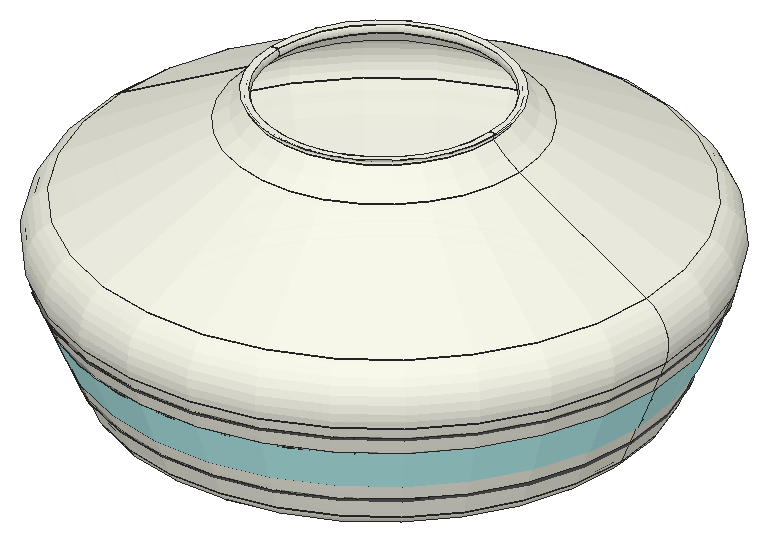
Revit family "PSTL", category Generic Models, Revit 2024
Family settings
  Can host rebar = No
  Round Connector Dimension = Use Diameter
  Part Type = Normal
  Work Plane-Based = No
  Always vertical = Yes
  Cut with Voids When Loaded = No
  Maintain Annotation Orientation = No
  Shared = No
  Room Calculation Point = No
Parameters
  Default Elevation = 0' - 0"
Reference planes (in)
  plane 1 "Center (Front/Back)": y = 0
  plane 2: z = 0
  plane 3 "Center (Left/Right)": x = 0
Forms (in)
  Revolve 1, solid, material "OPAL"
    sketch origin (0, 0, 0) x (1, 0, 0) y (0, 0, 1)
      loop
        line (2.38822, 32.01837) -> (2.23531, 32.01921)
        arc (2.23531, 32.01921) -> (2.21606, 31.93319) -> (2.24189, 31.8489) r 0.17228
        arc (2.24189, 31.8489) -> (2.50547, 31.59106) -> (2.80784, 31.38004) r 2.23561
        line (2.80784, 31.38004) -> (5.51308, 29.94617)
        arc (5.51308, 29.94617) -> (5.87526, 29.52627) -> (5.8577, 28.97203) r 0.76339
        line (5.8577, 28.97203) -> (4.92761, 26.79259)
        arc (4.92761, 26.79259) -> (4.85507, 26.68592) -> (4.74757, 26.61459) r 0.33482
        arc (4.74757, 26.61459) -> (2.94703, 25.96527) -> (1.19836, 25.18702) r 26.36298
        arc (1.19836, 25.18702) -> (0.60941, 25.02065) -> (0, 24.96457) r 3.33904
        line (0, 24.96457) -> (0, 24.87082)
        arc (0, 24.87082) -> (0.62857, 24.92886) -> (1.23588, 25.10101) r 3.43279
        arc (1.23588, 25.10101) -> (2.9818, 25.8782) -> (4.77959, 26.5264) r 26.26923
        arc (4.77959, 26.5264) -> (4.91952, 26.61781) -> (5.01384, 26.75579) r 0.42857
        line (5.01384, 26.75579) -> (5.94393, 28.93524)
        arc (5.94393, 28.93524) -> (5.96364, 29.55754) -> (5.55699, 30.02901) r 0.85714
        line (5.55699, 30.02901) -> (2.85339, 31.462)
        arc (2.85339, 31.462) -> (2.56796, 31.66103) -> (2.31852, 31.90365) r 2.14186
        arc (2.31852, 31.90365) -> (2.3211, 31.98061) -> (2.38822, 32.01837) r 0.07853
      axis (0, 32.01921) -> (0, 24.87082)
    angle from 0 to 360
  Revolve 2, solid, material "PN"
    sketch origin (0, 0, 0) x (1, 0, 0) y (0, 0, 1)
      loop
        line (5.21087, 27.15041) -> (5.24373, 27.22741) -> (5.1418, 27.22741) -> (5.10894, 27.15041) -> (5.21087, 27.15041)
      loop
        line (5.88752, 28.736) -> (5.78559, 28.736) -> (5.75273, 28.659) -> (5.85466, 28.659) -> (5.88752, 28.736)
      loop
        line (5.72749, 28.361) -> (5.62556, 28.361) -> (5.26897, 27.52541) -> (5.3709, 27.52541) -> (5.72749, 28.361)
      axis (0, 28.736) -> (0, 27.15041)
    angle from 0 to 360
Dimensions and locks (in)
  aligned and locked: plane 2 to level
